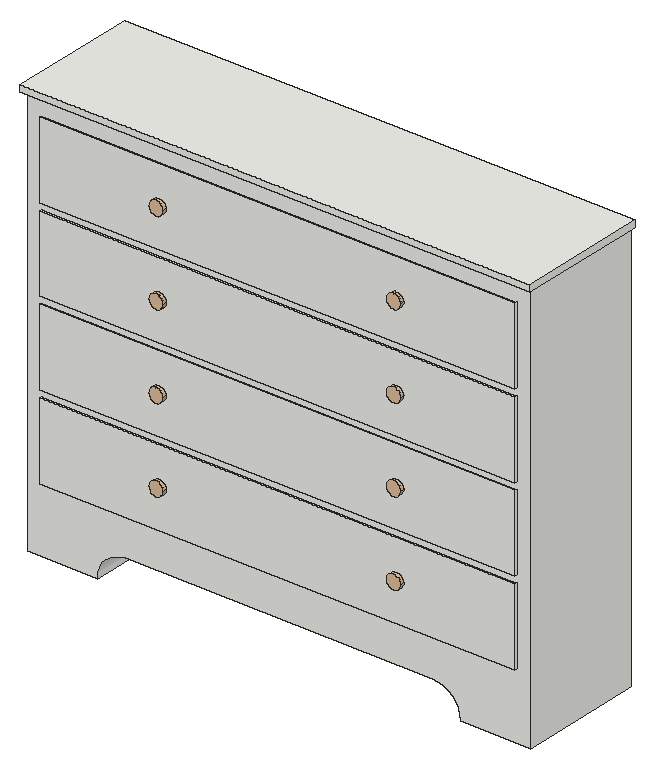
Revit family "2debacaff9a543699b5e7c52009f73a2", category Furniture, Revit 2021
Family settings
  OmniClass Number = 23.40.20.24.21
  OmniClass Title = Dressers
  Seek Item ID = Dresser-0000-USA-ENU
  Work Plane-Based = No
  Always vertical = Yes
  Cut with Voids When Loaded = No
  Shared = No
  Room Calculation Point = No
Parameters (values of type "72" x 60" x 18"")
  Default Elevation = 0' - 0"
  Assembly Code = "E2020200"
  Depth = 1' - 6"
  Dresser Material = Laminate - Ivory, Glossy
  Drawer Material = Laminate, Ivory, Matte
  Knob Material = Cherry
  Height = 5' - 0"
  Width = 6' - 0"
Types (4): name | Depth | Height | Width
  (no name) | 1' - 6" | 5' - 0" | 6' - 0"
  48" x 72" x 24" | 2' - 0" | 6' - 0" | 4' - 0"
  48" x 60" x 24" | 2' - 0" | 5' - 0" | 4' - 0"
  72" x 60" x 18" | 1' - 6" | 5' - 0" | 6' - 0"
Reference planes (in)
  plane 1 "Center (Front/Back)": y = -14.29775
  plane 2: z = 0
  plane 3 "Center (Left/Right)": x = -10.59816
  plane 4 "Back": y = -5.29775
  plane 5 "Front": y = -23.29775
  plane 6 "Right": x = 25.40184
  plane 7 "Left": x = -46.59816
  plane 8 "Top": z = 60
  plane 9: x = -32.59816
  plane 10: x = 11.40184
  plane 11: z = 57
  plane 12: z = 45
  plane 13: z = 33
  plane 14: z = 21
  plane 15: z = 9
  plane 16: x = -44.59816
  plane 17: x = 23.40184
  plane 18: y = -23.54775
  plane 19: z = 59
  plane 20: x = -27.59816
  plane 21: x = 6.40184
  plane 22: z = 51
  plane 23: z = 39
  plane 24: z = 27
  plane 25: z = 15
Forms (in)
  Extrusion 1, solid, material "Laminate - Ivory, Glossy" <- "Dresser Material"
    sketch origin (0, -23.29775, 0) x (1, 0, 0) y (0, 0, 1)
      loop
        line (15.40184, 0) -> (25.40184, 0) -> (25.40184, 59) -> (-46.59816, 59) -> (-46.59816, 0) -> (-36.59816, 0)
        arc (-36.59816, 0) -> (-35.42659, 2.82843) -> (-32.59816, 4) r 4
        line (-32.59816, 4) -> (11.40184, 4)
        arc (11.40184, 4) -> (14.23027, 2.82843) -> (15.40184, 0) r 4
    from 0 to -18
  Extrusion 2, solid, material "Laminate, Ivory, Matte"
    sketch origin (0, -23.29775, 0) x (1, 0, 0) y (0, 0, 1)
      loop
        line (23.40184, 56.5) -> (-44.59816, 56.5) -> (-44.59816, 45.5) -> (23.40184, 45.5) -> (23.40184, 56.5)
      loop
        line (23.40184, 44.5) -> (-44.59816, 44.5) -> (-44.59816, 33.5) -> (23.40184, 33.5) -> (23.40184, 44.5)
      loop
        line (23.40184, 32.5) -> (-44.59816, 32.5) -> (-44.59816, 21.5) -> (23.40184, 21.5) -> (23.40184, 32.5)
      loop
        line (23.40184, 20.5) -> (-44.59816, 20.5) -> (-44.59816, 9.5) -> (23.40184, 9.5) -> (23.40184, 20.5)
    from 0 to 0.25
  Extrusion 3, solid, material "Laminate, Ivory, Matte"
    sketch origin (0, 0, 0) x (1, 0, 0) y (0, 1, 0)
      loop
        line (-47.09816, -5.29775) -> (-47.09816, -24.04775) -> (25.90184, -24.04775) -> (25.90184, -5.29775) -> (-47.09816, -5.29775)
    from 59 to 60
  Extrusion 4, solid, material "Cherry" <- "Knob Material"
    sketch origin (0, -23.29775, 0) x (1, 0, 0) y (0, 0, 1)
      loop
        circle (6.40184, 51) r 1
      loop
        circle (6.40184, 39) r 1
      loop
        circle (6.40184, 27) r 1
      loop
        circle (6.40184, 15) r 1
      loop
        circle (-27.59816, 15) r 1
      loop
        circle (-27.59816, 27) r 1
      loop
        circle (-27.59816, 39) r 1
      loop
        circle (-27.59816, 51) r 1
    from 0.25 to 0.75
Lines and regions (in)
  Masking region 1
    outline origin (0, 0, 0) x (1, 0, 0) y (0, 1, 0)
      loop
        line (-46.59816, -5.29775) -> (-46.59816, -23.54775) -> (25.40184, -23.54775) -> (25.40184, -5.29775) -> (-46.59816, -5.29775)
Dimensions and locks (in)
  equal spacing: plane 7 "Left", plane 3 "Center (Left/Right)", plane 6 "Right"
  equal spacing: plane 5 "Front", plane 1 "Center (Front/Back)", plane 4 "Back"
  "Width": plane 7 "Left" to plane 6 "Right"
  "Depth": plane 5 "Front" to plane 4 "Back"
  "Height": plane 8 "Top" to plane 2
  locked: plane 7 "Left" to plane 9 at 14
  locked: plane 6 "Right" to plane 10 at 14
  locked: plane 8 "Top" to plane 11 at 3
  locked: plane 15 to plane 2 at 9
  equal spacing: plane 11, plane 12, plane 13, plane 14, plane 15
  locked: plane 7 "Left" to plane 16 at 2
  locked: plane 17 to plane 6 "Right" at 2
  plane 18 to plane 5 "Front" = 0' - 0 1/4"
  locked: plane 19 to plane 8 "Top" at 1
  equal spacing: plane 16, plane 20, plane 3 "Center (Left/Right)"
  equal spacing: plane 17, plane 21, plane 3 "Center (Left/Right)"
  equal spacing: plane 14, plane 25, plane 15
  equal spacing: plane 13, plane 24, plane 14
  equal spacing: plane 12, plane 23, plane 13
  equal spacing: plane 11, plane 22, plane 12
  aligned and locked: Extrusion 1 to plane 4 "Back"
  aligned and locked: Extrusion 2 to plane 5 "Front"
  aligned and locked: Extrusion 2 to plane 18
  aligned and locked: plane 19 to Extrusion 1
  aligned and locked: Extrusion 3 to plane 8 "Top"
  aligned and locked: Extrusion 3 to Extrusion 1
  aligned and locked: plane 4 "Back" to Masking region 1 sketch curve
  aligned and locked: Masking region 1 sketch curve to plane 7 "Left"
  aligned and locked: plane 6 "Right" to Masking region 1 sketch curve
  aligned and locked: plane 18 to Masking region 1 sketch curve
Automatic sketch dimensions
  Extrusion 1 sketch curve to level = 0' - 0"  (x2)
  Extrusion 1 sketch curve to plane 7 "Left" = 0' - 0"
  Extrusion 1 sketch curve to plane 9 = 0' - 0"
  Extrusion 1 sketch curve to plane 10 = 0' - 0"
  Extrusion 1 sketch curve to plane 6 "Right" = 0' - 0"
  Extrusion 1 sketch curve to Extrusion 1 sketch curve = 0' - 4"
  plane 8 "Top" to Extrusion 1 sketch curve = 0' - 1"
  Extrusion 2 sketch curve to plane 16 = 0' - 0"  (x4)
  Extrusion 2 sketch curve to plane 17 = 0' - 0"  (x4)
  Extrusion 2 sketch curve to plane 15 = 0' - 0 1/2"
  plane 14 to Extrusion 2 sketch curve = 0' - 0 1/2"
  Extrusion 2 sketch curve to plane 14 = 0' - 0 1/2"
  plane 13 to Extrusion 2 sketch curve = 0' - 0 1/2"
  Extrusion 2 sketch curve to plane 13 = 0' - 0 1/2"
  plane 12 to Extrusion 2 sketch curve = 0' - 0 1/2"
  Extrusion 2 sketch curve to plane 12 = 0' - 0 1/2"
  plane 11 to Extrusion 2 sketch curve = 0' - 0 1/2"
  plane 7 "Left" to Extrusion 3 sketch curve = 0' - 0 1/2"
  Extrusion 3 sketch curve to plane 18 = 0' - 0 1/2"
  Extrusion 3 sketch curve to plane 6 "Right" = 0' - 0 1/2"
  Extrusion 4 sketch curve to plane 22 = 0' - 0"  (x2)
  Extrusion 4 sketch curve to plane 23 = 0' - 0"  (x2)
  Extrusion 4 sketch curve to plane 24 = 0' - 0"  (x2)
  Extrusion 4 sketch curve to plane 25 = 0' - 0"  (x2)
  Extrusion 4 sketch curve to plane 20 = 0' - 0"  (x4)
  Extrusion 4 sketch curve to plane 21 = 0' - 0"  (x4)
  Extrusion 4 sketch curve to Extrusion 4 sketch curve = 0' - 1"  (x8)
  Extrusion 3 sketch curve to plane 4 "Back" = 0' - 0"
